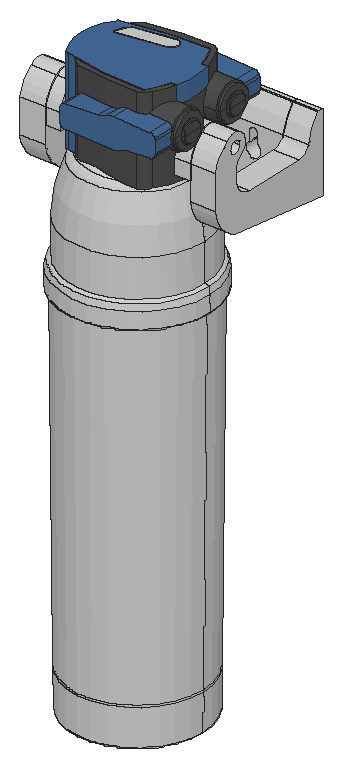
Revit family "QF_Vivreau_PURITY C150 Quell ST", category Specialty Equipment, Revit 2018 (continued)
Definition of nested family "QF_Vivreau_Wall Bracket_C150"
  Forms (in)
    Extrusion 5, solid
      sketch origin (0, 0, 0) x (0, 1, 0) y (0, 0, 1)
        loop
          arc (-2.95631, 50.66436) -> (-2.87354, 50.7463) -> (-2.79381, 50.83117) r 3.21432
          arc (-2.79381, 50.83117) -> (-2.73635, 50.93198) -> (-2.7179, 51.04653) r 0.32555
          arc (-2.7179, 51.04653) -> (-2.77627, 51.23926) -> (-2.92668, 51.37317) r 0.37126
          arc (-2.92668, 51.37317) -> (-3.14017, 51.40238) -> (-3.32952, 51.29954) r 0.34587
      from 0.71175 to 1.13945
    Extrusion 6, solid
      sketch origin (4.34798, 0, 0) x (0, 1, 0) y (0, 0, 1)
        loop
          arc (-3.32952, 51.29954) -> (-3.60078, 51.02712) -> (-3.74609, 50.67119) r 0.97803
          line (-3.74609, 50.67119) -> (-3.74609, 50.23591) -> (-3.04993, 50.23591) -> (-3.04993, 50.47986)
          arc (-3.04993, 50.47986) -> (-3.01891, 50.58012) -> (-2.95631, 50.66436) r 0.31113
          arc (-2.95631, 50.66436) -> (-2.87354, 50.7463) -> (-2.79381, 50.83117) r 3.21432
          arc (-2.79381, 50.83117) -> (-2.73635, 50.93198) -> (-2.7179, 51.04653) r 0.32555
          arc (-2.7179, 51.04653) -> (-2.77627, 51.23926) -> (-2.92668, 51.37317) r 0.37126
          arc (-2.92668, 51.37317) -> (-3.14017, 51.40238) -> (-3.32952, 51.29954) r 0.34587
      from 0 to 0.4277
    Extrusion 7, solid
      sketch origin (0, 0, 0) x (0, 1, 0) y (0, 0, 1)
        loop
          circle (-3.06236, 51.03516) r 0.17302
      from 1.13945 to 1.35172
    Extrusion 8, solid
      sketch origin (2.86179, 0, 0) x (0, 1, 0) y (0, 0, 1)
        loop
          circle (-3.06236, 51.03516) r 0.17302
      from 1.19877 to 1.48618
  Cuts and joins
    Extrusion 4 cuts Extrusion 3
  Lines and regions (in)
    symbolic lines
      curve 1: line (0, -3.23537, 51.03516) -> (0, -2.88934, 51.03516)
      curve 2: line (0.40405, -0.13295, 0) -> (0.40405, 0, 0)
      curve 3: line (0.40405, 0, 0) -> (5.08337, 0, 0)
      curve 4: line (5.08337, -0.13295, 0) -> (5.08337, 0, 0)
      curve 5: line (0.40405, -0.13295, 0) -> (5.08337, -0.13295, 0)
      curve 6: arc (0.40405, -0.13295, 0) -> (0.42218, -0.30656, 0) -> (0.44979, -0.47891, 0) r 3.18691
      curve 7: arc (0.44979, -0.47891, 0) -> (0.44265, -0.54927, 0) -> (0.42407, -0.6175, 0) r 0.42983
      curve 8: arc (0.42407, -0.6175, 0) -> (0.08893, -1.60757, 0) -> (0, -2.64903, 0) r 4.34392
      curve 9: arc (1.01852, -0.51986, 0) -> (0.66155, -1.5729, 0) -> (0.57957, -2.68176, 0) r 4.40598
      curve 10: line (0.39328, -2.68176, 0) -> (1.02034, -2.68176, 0)
      curve 11: line (1.02034, -2.68176, 0) -> (1.02034, -3.68176, 0)
      curve 12: arc (0.39328, -2.68176, 0) -> (0.27454, -2.7648, 0) -> (0.22894, -2.90232, 0) r 0.23018
      curve 13: arc (0.12248, -3.08148, 0) -> (0.15422, -3.06272, 0) -> (0.17635, -3.03322, 0) r 0.09432
      curve 14: arc (0.17635, -3.03322, 0) -> (0.20476, -2.96863, 0) -> (0.22894, -2.90232, 0) r 1.08965
      curve 15: arc (0.12248, -3.08148, 0) -> (0.0982, -3.08363, 0) -> (0.07385, -3.08469, 0) r 0.54642
      curve 16: arc (0.07385, -3.08469, 0) -> (0.04284, -3.05822, 0) -> (0.0293, -3.01977, 0) r 0.07844
      curve 17: arc (0.39328, -2.68176, 0) -> (0.44322, -2.69561, 0) -> (0.47889, -2.7332, 0) r 0.09696
      curve 18: arc (0.47889, -2.7332, 0) -> (0.51971, -2.80727, 0) -> (0.54276, -2.88864, 0) r 0.37227
      curve 19: arc (0.54276, -2.88864, 0) -> (0.55909, -3.03706, 0) -> (0.54276, -3.18547, 0) r 0.68254
      curve 20: arc (0.54276, -3.18547, 0) -> (0.46763, -3.39851, 0) -> (0.34409, -3.58761, 0) r 0.94478
      curve 21: arc (0.34409, -3.58761, 0) -> (0.29471, -3.65131, 0) -> (0.23677, -3.70733, 0) r 0.5646
      curve 22: arc (0.23677, -3.70733, 0) -> (0.20133, -3.72715, 0) -> (0.16121, -3.73335, 0) r 0.11449
      curve 23: arc (0.16121, -3.73335, 0) -> (0.12018, -3.73371, 0) -> (0.07926, -3.73682, 0) r 0.61075
      curve 24: arc (0.07926, -3.73682, 0) -> (0.02221, -3.70198, 0) -> (0, -3.63894, 0) r 0.09968
      curve 25: line (0, -3.63894, 0) -> (0, -2.64903, 0)
      curve 26: arc (0.0293, -3.01977, 0) -> (0.01004, -2.90893, 0) -> (0, -2.79687, 0) r 1.36079
      curve 27: arc (0.07926, -3.73682, 0) -> (0.21195, -3.74363, 0) -> (0.3448, -3.74609, 0) r 4.0609
      curve 28: arc (0.3448, -3.74609, 0) -> (0.65283, -3.73623, 0) -> (0.95923, -3.70313, 0) r 4.07828
      curve 29: arc (0.95923, -3.70313, 0) -> (0.99081, -3.69537, 0) -> (1.02034, -3.68176, 0) r 0.17058
      curve 30: arc (5.08337, -0.13295, 0) -> (5.06524, -0.30656, 0) -> (5.03763, -0.47891, 0) r 3.18691
      curve 31: arc (5.03763, -0.47891, 0) -> (5.04477, -0.54927, 0) -> (5.06335, -0.6175, 0) r 0.42983
      curve 32: arc (5.06335, -0.6175, 0) -> (5.39849, -1.60757, 0) -> (5.48742, -2.64903, 0) r 4.34392
      curve 33: arc (4.4689, -0.51986, 0) -> (4.82587, -1.5729, 0) -> (4.90785, -2.68176, 0) r 4.40598
      curve 34: line (5.09414, -2.68176, 0) -> (4.46708, -2.68176, 0)
      curve 35: line (4.46708, -2.68176, 0) -> (4.46708, -3.68176, 0)
      curve 36: arc (5.09414, -2.68176, 0) -> (5.21288, -2.7648, 0) -> (5.25848, -2.90232, 0) r 0.23018
      curve 37: arc (5.36494, -3.08148, 0) -> (5.3332, -3.06272, 0) -> (5.31108, -3.03322, 0) r 0.09432
      curve 38: arc (5.31108, -3.03322, 0) -> (5.28266, -2.96863, 0) -> (5.25848, -2.90232, 0) r 1.08965
      curve 39: arc (5.36494, -3.08148, 0) -> (5.38922, -3.08363, 0) -> (5.41358, -3.08469, 0) r 0.54642
      curve 40: arc (5.41358, -3.08469, 0) -> (5.44458, -3.05822, 0) -> (5.45812, -3.01977, 0) r 0.07844
      curve 41: arc (5.09414, -2.68176, 0) -> (5.0442, -2.69561, 0) -> (5.00853, -2.7332, 0) r 0.09696
      curve 42: arc (5.00853, -2.7332, 0) -> (4.96771, -2.80727, 0) -> (4.94466, -2.88864, 0) r 0.37227
      curve 43: arc (4.94466, -2.88864, 0) -> (4.92833, -3.03706, 0) -> (4.94466, -3.18547, 0) r 0.68254
      curve 44: arc (4.94466, -3.18547, 0) -> (5.01979, -3.39851, 0) -> (5.14334, -3.58761, 0) r 0.94478
      curve 45: arc (5.14334, -3.58761, 0) -> (5.19271, -3.65131, 0) -> (5.25065, -3.70733, 0) r 0.5646
      curve 46: arc (5.25065, -3.70733, 0) -> (5.28609, -3.72715, 0) -> (5.32621, -3.73335, 0) r 0.11449
      curve 47: arc (5.32621, -3.73335, 0) -> (5.36725, -3.73371, 0) -> (5.40816, -3.73682, 0) r 0.61075
      curve 48: arc (5.40816, -3.73682, 0) -> (5.46521, -3.70198, 0) -> (5.48742, -3.63894, 0) r 0.09968
      curve 49: line (5.48742, -3.63894, 0) -> (5.48742, -2.64903, 0)
      curve 50: arc (5.45812, -3.01977, 0) -> (5.47738, -2.90893, 0) -> (5.48742, -2.79687, 0) r 1.36079
      curve 51: arc (5.40816, -3.73682, 0) -> (5.27547, -3.74363, 0) -> (5.14262, -3.74609, 0) r 4.0609
      curve 52: arc (5.14262, -3.74609, 0) -> (4.8346, -3.73623, 0) -> (4.52819, -3.70313, 0) r 4.07828
      curve 53: arc (4.52819, -3.70313, 0) -> (4.49661, -3.69537, 0) -> (4.46708, -3.68176, 0) r 0.17058
      curve 54: line (1.1815, -2.88934, 0) -> (1.02034, -2.88934, 0)
      curve 55: line (1.1815, -2.88934, 0) -> (1.1815, -3.23537, 0)
      curve 56: line (1.1815, -3.23537, 0) -> (1.02034, -3.23537, 0)
      curve 57: line (4.17639, -2.88934, 0) -> (4.46708, -2.88934, 0)
      curve 58: line (4.17639, -2.88934, 0) -> (4.17639, -3.23537, 0)
      curve 59: line (4.17639, -3.23537, 0) -> (4.46708, -3.23537, 0)
      curve 60: line (1.01852, -0.51986, 0) -> (4.4689, -0.51986, 0)
      curve 61: line (0, 0, 0) -> (5.48742, 0, 0)
  Dimensions and locks (in)
    "Depth": plane 4 "FRONT" to plane 1 "BACK"
    equal spacing: plane 4 "FRONT", plane 5 "Center (Front/Back)", plane 1 "BACK"
    locked: plane 3 "LEFT" to plane 7 "RIGHT" at 5.48742
    equal spacing: plane 3 "LEFT", plane 8 "Center (Left/Right)", plane 7 "RIGHT"
    plane 10 "Center F/D" to plane 9 "Center F/C" to plane 11 "Center F/E" to plane 12 "Center F/F" to plane 6 "Center (Bottom/Top)" to plane 14 "Center F/J" = 0' - 0.36597" locked, 0' - 0.36396" locked, 0' - 0.94337" locked, 0' - 1.25532" locked, 1' - 0.47251" locked
    locked: plane 13 "Center F/I" to plane 10 "Center F/D" at 0.16528
    "Mounting Height": plane 14 "Center F/J" to plane 2 "REF. LAYER"
    aligned and locked: level to plane 2 "REF. LAYER"
    aligned and locked: plane 11 "Center F/E" to Extrusion 1 sketch curve
    aligned and locked: plane 1 "BACK" to Extrusion 1 sketch curve
    aligned and locked: plane 12 "Center F/F" to Extrusion 1 sketch curve
    aligned and locked: Extrusion 1 sketch curve to plane 12 "Center F/F"
    aligned and locked: plane 4 "FRONT" to Extrusion 1 sketch curve
    aligned and locked: plane 3 "LEFT" to curve 61
    aligned and locked: plane 7 "RIGHT" to curve 61
    aligned and locked: curve 61 to plane 2 "REF. LAYER"
    aligned and locked: Extrusion 5 to Extrusion 1
    aligned and locked: Extrusion 6 to Extrusion 2
  Automatic sketch dimensions
    curve 1 to plane 9 "Center F/C" = 0' - 0"
    curve 1 to plane 4 "FRONT" = 0' - 0.51072"
    curve 1 to curve 1 = 0' - 0.34603"
    Extrusion 1 sketch curve to plane 9 "Center F/C" = 0' - 0"
    Extrusion 1 sketch curve to plane 6 "Center (Bottom/Top)" = 0' - 0"
    Extrusion 1 sketch curve to plane 12 "Center F/F" = 0' - 0"
    Extrusion 1 sketch curve to plane 11 "Center F/E" = 0' - 0"
    plane 4 "FRONT" to Extrusion 1 sketch curve = 0' - 1.42987"
    plane 9 "Center F/C" to Extrusion 1 sketch curve = 0' - 0.00416"
    Extrusion 1 sketch curve to plane 4 "FRONT" = 0' - 0.657"
    Extrusion 1 sketch curve to Extrusion 1 sketch curve = 0' - 0.01111"
    Extrusion 1 sketch curve to Extrusion 1 sketch curve = 0' - 0.02674"
    Extrusion 1 sketch curve to plane 11 "Center F/E" = 0' - 0.19134"
    Extrusion 1 sketch curve to Extrusion 1 sketch curve = 0' - 0.01242"
    plane 6 "Center (Bottom/Top)" to Extrusion 1 sketch curve = 0' - 0.39563"
    Extrusion 1 sketch curve to plane 4 "FRONT" = 0' - 0.69616"
    Extrusion 1 sketch curve to Extrusion 1 sketch curve = 0' - 0.01897"
    Extrusion 1 sketch curve to Extrusion 1 sketch curve = 0' - 0.26431"
    Extrusion 1 sketch curve to Extrusion 1 sketch curve = 0' - 0.04417"
    plane 12 "Center F/F" to Extrusion 1 sketch curve = 0' - 0.12897"
    Extrusion 1 sketch curve to Extrusion 1 sketch curve = 0' - 0.1996"
    plane 1 "BACK" to Extrusion 1 sketch curve = 0' - 0.82448"
    Extrusion 1 sketch curve to Extrusion 1 sketch curve = 0' - 0.01126"
    plane 1 "BACK" to Extrusion 1 sketch curve = 0' - 0.13295"
    Extrusion 1 sketch curve to Extrusion 1 sketch curve = 0' - 0.01033"
    Extrusion 1 sketch curve to plane 12 "Center F/F" = 0' - 0.24956"
    Extrusion 1 sketch curve to plane 1 "BACK" = 0' - 1.35693"
    plane 12 "Center F/F" to Extrusion 1 sketch curve = 0' - 0.33547"
    Extrusion 1 sketch curve to plane 11 "Center F/E" = 0' - 0.23186"
    Extrusion 1 sketch curve to Extrusion 1 sketch curve = 0' - 0.04736"
    Extrusion 1 sketch curve to plane 11 "Center F/E" = 0' - 0.05594"
    plane 9 "Center F/C" to Extrusion 1 sketch curve = 0' - 0.00505"
    Extrusion 1 sketch curve to Extrusion 1 sketch curve = 0' - 0.02283"
    Extrusion 1 sketch curve to plane 10 "Center F/D" = 0' - 0.10159"
    Extrusion 1 sketch curve to Extrusion 1 sketch curve = 0' - 0"  (x3)
    plane 11 "Center F/E" to Extrusion 1 sketch curve = 0' - 0.15998"
    Extrusion 2 sketch curve to plane 4 "FRONT" = 0' - 0"
    Extrusion 2 sketch curve to plane 9 "Center F/C" = 0' - 0"
    Extrusion 2 sketch curve to plane 12 "Center F/F" = 0' - 0"  (x2)
    Extrusion 2 sketch curve to plane 11 "Center F/E" = 0' - 0"  (x2)
    Extrusion 2 sketch curve to plane 1 "BACK" = 0' - 0"
    Extrusion 2 sketch curve to plane 6 "Center (Bottom/Top)" = 0' - 0"
    plane 4 "FRONT" to Extrusion 2 sketch curve = 0' - 1.42987"
    plane 9 "Center F/C" to Extrusion 2 sketch curve = 0' - 0.00416"
    Extrusion 2 sketch curve to plane 4 "FRONT" = 0' - 0.657"
    Extrusion 2 sketch curve to Extrusion 2 sketch curve = 0' - 0.01111"
    Extrusion 2 sketch curve to Extrusion 2 sketch curve = 0' - 0.02674"
    Extrusion 2 sketch curve to plane 11 "Center F/E" = 0' - 0.19134"
    Extrusion 2 sketch curve to Extrusion 2 sketch curve = 0' - 0.01242"
    plane 6 "Center (Bottom/Top)" to Extrusion 2 sketch curve = 0' - 0.39563"
    Extrusion 2 sketch curve to plane 4 "FRONT" = 0' - 0.69616"
    Extrusion 2 sketch curve to Extrusion 2 sketch curve = 0' - 0.01897"
    Extrusion 2 sketch curve to Extrusion 2 sketch curve = 0' - 0.26431"
    Extrusion 2 sketch curve to Extrusion 2 sketch curve = 0' - 0.04417"
    plane 12 "Center F/F" to Extrusion 2 sketch curve = 0' - 0.12897"
    Extrusion 2 sketch curve to Extrusion 2 sketch curve = 0' - 0.1996"
    plane 1 "BACK" to Extrusion 2 sketch curve = 0' - 0.82448"
    Extrusion 2 sketch curve to Extrusion 2 sketch curve = 0' - 0.01126"
    plane 1 "BACK" to Extrusion 2 sketch curve = 0' - 0.13295"
    Extrusion 2 sketch curve to Extrusion 2 sketch curve = 0' - 0.01033"
    Extrusion 2 sketch curve to plane 12 "Center F/F" = 0' - 0.24956"
    Extrusion 2 sketch curve to plane 1 "BACK" = 0' - 1.35693"
    plane 12 "Center F/F" to Extrusion 2 sketch curve = 0' - 0.33547"
    Extrusion 2 sketch curve to plane 11 "Center F/E" = 0' - 0.23186"
    Extrusion 2 sketch curve to Extrusion 2 sketch curve = 0' - 0.04736"
    Extrusion 2 sketch curve to plane 11 "Center F/E" = 0' - 0.05594"
    plane 9 "Center F/C" to Extrusion 2 sketch curve = 0' - 0.00505"
    Extrusion 2 sketch curve to Extrusion 2 sketch curve = 0' - 0.02283"
    Extrusion 2 sketch curve to plane 10 "Center F/D" = 0' - 0.10159"
    Extrusion 2 sketch curve to Extrusion 2 sketch curve = 0' - 0"  (x3)
    plane 11 "Center F/E" to Extrusion 2 sketch curve = 0' - 0.15998"
    Extrusion 3 sketch curve to plane 11 "Center F/E" = 0' - 0"
    Extrusion 3 sketch curve to plane 1 "BACK" = 0' - 0"
    Extrusion 3 sketch curve to plane 6 "Center (Bottom/Top)" = 0' - 0"
    Extrusion 3 sketch curve to plane 11 "Center F/E" = 0' - 0.05594"
    plane 1 "BACK" to Extrusion 3 sketch curve = 0' - 0.12262"
    Extrusion 3 sketch curve to Extrusion 3 sketch curve = 0' - 0.01033"
    plane 6 "Center (Bottom/Top)" to Extrusion 3 sketch curve = 0' - 0.0649"
    plane 1 "BACK" to Extrusion 3 sketch curve = 0' - 0.50028"
    Extrusion 3 sketch curve to plane 12 "Center F/F" = 0' - 0.24956"
    Extrusion 3 sketch curve to plane 1 "BACK" = 0' - 1.35693"
    plane 12 "Center F/F" to Extrusion 3 sketch curve = 0' - 0.24852"
    plane 12 "Center F/F" to Extrusion 4 sketch curve = 0' - 0.08217"  (x2)
    Extrusion 4 sketch curve to plane 8 "Center (Left/Right)" = 0' - 1.30818"
    Extrusion 4 sketch curve to Extrusion 4 sketch curve = 0' - 0.10205"  (x2)
    plane 12 "Center F/F" to Extrusion 4 sketch curve = 0' - 0.04972"  (x2)
    Extrusion 4 sketch curve to Extrusion 4 sketch curve = 0' - 0.1025"  (x2)
    Extrusion 4 sketch curve to Extrusion 4 sketch curve = 0' - 0.205"  (x2)
    Extrusion 4 sketch curve to plane 12 "Center F/F" = 0' - 0.24096"
    plane 8 "Center (Left/Right)" to Extrusion 4 sketch curve = 0' - 1.11185"
    Extrusion 4 sketch curve to plane 12 "Center F/F" = 0' - 0.24147"
    Extrusion 4 sketch curve to Extrusion 4 sketch curve = 0' - 0.00051"
    Extrusion 4 sketch curve to Extrusion 4 sketch curve = 0' - 0.18093"
    Extrusion 5 sketch curve to plane 4 "FRONT" = 0' - 0"
    Extrusion 5 sketch curve to plane 11 "Center F/E" = 0' - 0"
    plane 4 "FRONT" to Extrusion 5 sketch curve = 0' - 1.42987"
    plane 9 "Center F/C" to Extrusion 5 sketch curve = 0' - 0.00416"
    Extrusion 5 sketch curve to plane 4 "FRONT" = 0' - 0.657"
    Extrusion 5 sketch curve to Extrusion 5 sketch curve = 0' - 0.01111"
    Extrusion 5 sketch curve to plane 4 "FRONT" = 0' - 0.69616"
    Extrusion 5 sketch curve to Extrusion 5 sketch curve = 0' - 0.0346"
    Extrusion 5 sketch curve to Extrusion 5 sketch curve = 0' - 0.26431"
    Extrusion 5 sketch curve to Extrusion 5 sketch curve = 0' - 0.04417"
    Extrusion 5 sketch curve to plane 11 "Center F/E" = 0' - 0.1845"
    Extrusion 5 sketch curve to plane 11 "Center F/E" = 0' - 0.19134"
    Extrusion 5 sketch curve to Extrusion 5 sketch curve = 0' - 0.04736"
    Extrusion 5 sketch curve to Extrusion 5 sketch curve = 0' - 0.43529"
    plane 9 "Center F/C" to Extrusion 5 sketch curve = 0' - 0.00505"
    Extrusion 5 sketch curve to Extrusion 5 sketch curve = 0' - 0.02283"
    Extrusion 5 sketch curve to plane 10 "Center F/D" = 0' - 0.10159"
    Extrusion 5 sketch curve to Extrusion 5 sketch curve = 0' - 0"  (x2)
    plane 11 "Center F/E" to Extrusion 5 sketch curve = 0' - 0.15998"
    Extrusion 6 sketch curve to plane 4 "FRONT" = 0' - 0"
    Extrusion 6 sketch curve to plane 11 "Center F/E" = 0' - 0"
    plane 4 "FRONT" to Extrusion 6 sketch curve = 0' - 1.42987"
    plane 9 "Center F/C" to Extrusion 6 sketch curve = 0' - 0.00416"
    Extrusion 6 sketch curve to plane 4 "FRONT" = 0' - 0.657"
    Extrusion 6 sketch curve to Extrusion 6 sketch curve = 0' - 0.01111"
    Extrusion 6 sketch curve to plane 4 "FRONT" = 0' - 0.69616"
    Extrusion 6 sketch curve to Extrusion 6 sketch curve = 0' - 0.0346"
    Extrusion 6 sketch curve to Extrusion 6 sketch curve = 0' - 0.26431"
    Extrusion 6 sketch curve to Extrusion 6 sketch curve = 0' - 0.04417"
    Extrusion 6 sketch curve to plane 11 "Center F/E" = 0' - 0.1845"
    Extrusion 6 sketch curve to plane 11 "Center F/E" = 0' - 0.19134"
    Extrusion 6 sketch curve to Extrusion 6 sketch curve = 0' - 0.04736"
    Extrusion 6 sketch curve to Extrusion 6 sketch curve = 0' - 0.43529"
    plane 9 "Center F/C" to Extrusion 6 sketch curve = 0' - 0.00505"
    Extrusion 6 sketch curve to Extrusion 6 sketch curve = 0' - 0.02283"
    Extrusion 6 sketch curve to plane 10 "Center F/D" = 0' - 0.10159"
    Extrusion 6 sketch curve to Extrusion 6 sketch curve = 0' - 0"  (x2)
    plane 11 "Center F/E" to Extrusion 6 sketch curve = 0' - 0.15998"
    Extrusion 7 sketch curve to plane 9 "Center F/C" = 0' - 0"
    Extrusion 7 sketch curve to plane 4 "FRONT" = 0' - 0.68374"
    Extrusion 8 sketch curve to plane 9 "Center F/C" = 0' - 0"
    Extrusion 8 sketch curve to plane 4 "FRONT" = 0' - 0.68374"
    curve 26 to plane 3 "LEFT" = 0' - 0"
    plane 4 "FRONT" to curve 27 = 0' - 0"
    plane 1 "BACK" to curve 2 = 0' - 0"
    plane 4 "FRONT" to curve 51 = 0' - 0"
    curve 48 to plane 7 "RIGHT" = 0' - 0"
    curve 19 to plane 3 "LEFT" = 0' - 0.12345"
    curve 21 to plane 3 "LEFT" = 0' - 0.12571"
    curve 20 to curve 19 = 0' - 0.25597"
    curve 14 to curve 20 = 0' - 0.42691"
    plane 3 "LEFT" to curve 7 = 0' - 0.02004"
    plane 3 "LEFT" to curve 15 = 0' - 0.06218"
    plane 3 "LEFT" to curve 13 = 0' - 0.09129"
    plane 3 "LEFT" to curve 24 = 0' - 0.09968"
    curve 13 to curve 16 = 0' - 0.01623"
    plane 3 "LEFT" to curve 23 = 0' - 0.146"
    curve 24 to curve 22 = 0' - 0.06438"
    curve 16 to curve 18 = 0' - 0.06786"
    plane 3 "LEFT" to curve 27 = 0' - 0.35368"
    curve 27 to curve 28 = 0' - 0.01466"
    curve 18 to curve 10 = 0' - 0.2179"
    plane 1 "BACK" to curve 5 = 0' - 0.13295"
    plane 3 "LEFT" to curve 5 = 0' - 0.40405"
    curve 17 to curve 12 = 0' - 0.06584"
    curve 12 to curve 33 = 0' - 0.11471"
    curve 29 to plane 4 "FRONT" = 0' - 0.21174"
    curve 22 to curve 29 = 0' - 0.77045"
    curve 33 to curve 11 = 0' - 0.51235"
    curve 10 to curve 32 = 0' - 0.12589"
    curve 32 to curve 26 = 0' - 0.213"
    curve 54 to curve 26 = 0' - 0.17773"
    curve 30 to plane 1 "BACK" = 0' - 0.11117"
    curve 30 to plane 8 "Center (Left/Right)" = 0' - 0.83788"
    curve 6 to plane 1 "BACK" = 0' - 0.11117"
    plane 8 "Center (Left/Right)" to curve 6 = 0' - 0.83788"
    curve 50 to plane 7 "RIGHT" = 0' - 1.35923"
    curve 50 to curve 57 = 0' - 0.0482"
    curve 50 to curve 8 = 0' - 0.213"
    curve 8 to curve 34 = 0' - 0.12589"
    curve 35 to curve 53 = 0' - 0.08583"
    curve 9 to plane 7 "RIGHT" = 0' - 0.50799"
    curve 9 to curve 36 = 0' - 0.04887"
    curve 5 to plane 7 "RIGHT" = 0' - 0.40405"
    curve 36 to curve 34 = 0' - 0.06584"
    curve 3 to curve 52 = 0' - 0.03571"
    curve 52 to curve 51 = 0' - 0.01466"
    curve 42 to plane 7 "RIGHT" = 0' - 0.17538"
    curve 46 to plane 7 "RIGHT" = 0' - 0 21/128"
    curve 47 to plane 7 "RIGHT" = 0' - 0.146"
    curve 42 to curve 40 = 0' - 0.06786"
    curve 46 to curve 48 = 0' - 0.06438"
    curve 40 to curve 37 = 0' - 0.01623"
    curve 39 to plane 7 "RIGHT" = 0' - 0.06218"
    curve 31 to plane 7 "RIGHT" = 0' - 0.02004"
    plane 7 "RIGHT" to curve 43 = 0' - 0.12345"
    plane 7 "RIGHT" to curve 45 = 0' - 0.12571"
    curve 43 to curve 44 = 0' - 0.25597"
    curve 44 to curve 38 = 0' - 0.42691"
    plane 4 "FRONT" to curve 47 = 0' - 0.59782"
    plane 4 "FRONT" to curve 23 = 0' - 0.59782"
    curve 11 to plane 4 "FRONT" = 0' - 0.06433"
    curve 35 to plane 4 "FRONT" = 0' - 0.06433"
    curve 52 to curve 48 = 0' - 0.10684"
    curve 28 to curve 24 = 0' - 0.10684"
    curve 24 to curve 25 = 0' - 0.00031"
    curve 48 to curve 49 = 0' - 0.00031"
    curve 48 to curve 46 = 0' - 0.02035"
    curve 24 to curve 22 = 0' - 0.02035"
    curve 35 to curve 53 = 0' - 0.14741"
    curve 25 to curve 21 = 0' - 0.36448"
    curve 49 to curve 45 = 0' - 0.36448"
    curve 56 to plane 4 "FRONT" = 0' - 0.51072"
    curve 53 to curve 58 = 0' - 0.29898"
    curve 21 to curve 19 = 0' - 0.23741"
    curve 45 to curve 43 = 0' - 0.23741"
    curve 19 to curve 16 = 0' - 0.02321"
    curve 43 to curve 40 = 0' - 0.02321"
    curve 16 to curve 13 = 0' - 0.02138"
    curve 40 to curve 37 = 0' - 0.02138"
    curve 19 to curve 20 = 0' - 0.05702"
    curve 43 to curve 44 = 0' - 0.05702"
    curve 40 to curve 42 = 0' - 0.06509"
    curve 16 to curve 18 = 0' - 0.06509"
    curve 18 to curve 12 = 0' - 0.04643"
    curve 42 to curve 36 = 0' - 0.04643"
    curve 58 to curve 57 = 0' - 0.34603"
    curve 55 to curve 54 = 0' - 0.34603"
    curve 36 to curve 41 = 0' - 0.12361"
    curve 12 to curve 17 = 0' - 0.12361"
    curve 57 to curve 50 = 0' - 0.15777"
    curve 54 to curve 26 = 0' - 0.15777"
    curve 54 to curve 11 = 0' - 0.20758"
    curve 57 to curve 34 = 0' - 0.20758"
    curve 12 to curve 25 = 0' - 0.25329"
    curve 36 to curve 49 = 0' - 0.25329"
    curve 20 to curve 14 = 0' - 0.41766"
    curve 44 to curve 38 = 0' - 0.41766"
    curve 8 to curve 15 = 0' - 0.11064"
    curve 32 to curve 39 = 0' - 0.11064"
    curve 34 to curve 8 = 0' - 0.18655"
    curve 10 to curve 32 = 0' - 0.18655"
    curve 9 to curve 33 = 0' - 0.23217"
    curve 33 to curve 9 = 0' - 0.23217"
    plane 1 "BACK" to curve 31 = 0' - 0.47084"
    plane 1 "BACK" to curve 7 = 0' - 0.47084"
    curve 51 to plane 1 "BACK" = 0' - 0.31479"
    curve 27 to plane 1 "BACK" = 0' - 0.31479"
    curve 51 to curve 52 = 0' - 0.01732"
    curve 27 to curve 28 = 0' - 0.01732"
    plane 3 "LEFT" to curve 26 = 0' - 0.0293"
    plane 3 "LEFT" to curve 16 = 0' - 0.07385"
    curve 27 to curve 24 = 0' - 0.02042"
    curve 16 to curve 13 = 0' - 0.04863"
    curve 22 to curve 23 = 0' - 0"
    curve 13 to curve 14 = 0' - 0"
    curve 21 to plane 4 "FRONT" = 0' - 0.03876"
    curve 20 to plane 4 "FRONT" = 0' - 0.15848"
    plane 3 "LEFT" to curve 8 = 0' - 0.42407"
    curve 17 to curve 17 = 0' - 0.08561"
    curve 19 to curve 20 = 0' - 0"
    curve 18 to curve 9 = 0' - 0.10068"
    plane 1 "BACK" to curve 9 = 0' - 0.51986"
    curve 52 to curve 53 = 0' - 0"
    curve 33 to curve 36 = 0' - 0.18629"
    curve 42 to curve 36 = 0' - 0.08364"
    curve 43 to curve 36 = 0' - 0.08364"
    curve 44 to curve 43 = 0' - 0"
    curve 31 to curve 4 = 0' - 0.04574"
    curve 45 to plane 4 "FRONT" = 0' - 0.15848"
    curve 46 to plane 4 "FRONT" = 0' - 0.03876"
    curve 37 to curve 38 = 0' - 0"
    curve 37 to curve 40 = 0' - 0.01496"
    curve 39 to curve 39 = 0' - 0.04863"
    curve 50 to plane 7 "RIGHT" = 0' - 0.0293"
    plane 10 "Center F/D" to Extrusion 1 sketch curve = 0' - 1.5881"
    plane 10 "Center F/D" to Extrusion 2 sketch curve = 0' - 1.5881"
    plane 10 "Center F/D" to Extrusion 5 sketch curve = 0' - 1.5881"
    plane 10 "Center F/D" to Extrusion 6 sketch curve = 0' - 1.5881"
    radius of Extrusion 1 sketch curve = 0' - 0.17302"
    radius of Extrusion 2 sketch curve = 0' - 0.17302"
    radius of Extrusion 7 sketch curve = 0' - 0.17302"
    radius of Extrusion 8 sketch curve = 0' - 0.17302"
